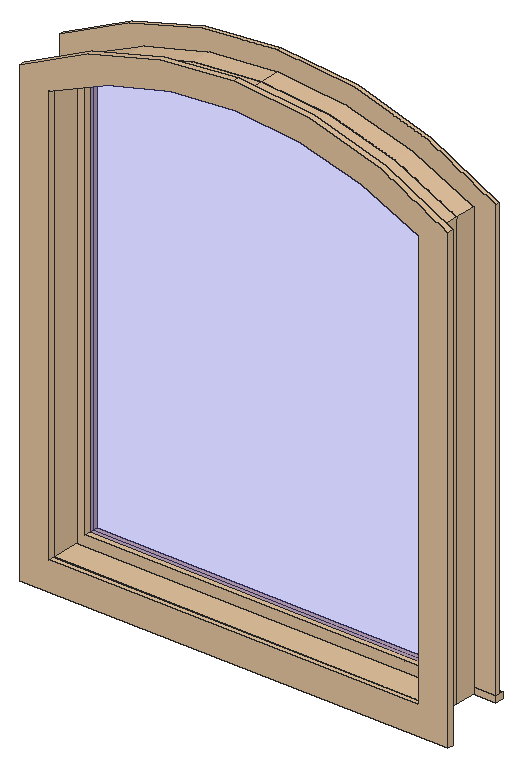
Revit family
Parameters (values of type "1220 x 1525mm")
  Glass Pane Material = Glass
  Height = 1525.00 mm
  Radius = Width  # 1220.00 mm
  Sash = Sash
  Default Sill Height = 610.00 mm
  Trim Exterior Material = Trim
  Trim Interior Material = Trim
  Trim Projection - Ext. = 13.00 mm
  Trim Projection - Int. = 19.00 mm
  Trim Width - Exterior = 89.00 mm
  Trim Width - Interior = 89.00 mm
  Wall Closure = (empty or 0)
  Width = 1220.00 mm
Types (7, lengths in mm): name | Height | Radius | Default Sill Height | Width
  (no name) | 1525.00 | 1220.00 | 610.00 | 1220.00
  0610 x 0610mm | 610.00 | 610.00 | 915.00 | 610.00
  1220 x 1525mm | 1525.00 | 1220.00 | 610.00 | 1220.00
  0610 x 1525mm | 1525.00 | 610.00 | 915.00 | 610.00
  1830 x 2438mm | 2438.00 | 1830.00 | 305.00 | 1830.00
  1830 x 1525mm | 1525.00 | 1830.00 | 610.00 | 1830.00
  1220 x 2438mm | 2438.00 | 1220.00 | 305.00 | 1220.00
Reference planes
  plane 1: y = 0
  plane 2 "Center": x = 11.98
  plane 3 "Sill": z = 610
  plane 4: z = 915
  plane 5: x = 621.98
  plane 6 "Right": x = -598.02
  plane 7 "Top": z = 2135
  plane 8: x = -566.27
  plane 9: x = -578.97
  plane 10: x = -655.27
  plane 11: x = -667.97
  plane 12: x = 590.23
  plane 13: x = 602.93
  plane 14: x = 679.23
  plane 15: x = 691.93
  plane 16: z = 2204.95
  plane 17: z = 2192.25
  plane 18: z = 2115.95
  plane 19: z = 2103.25
  plane 20: z = 641.75
  plane 21: z = 552.75
  plane 22 "Closure": y = 28.575
Forms (mm)
  Extrusion 1, solid, material "Trim" <- "Trim Exterior Material"
    sketch origin (11.98, 0, 0) x (1, 0, 0) y (0, 0, 1)
      loop
        line (-610, 1971.551) -> (-610, 610) -> (610, 610) -> (610, 1971.551)
        arc (610, 1971.551) -> (315.759, 2093.43) -> (0, 2135) r 1220
        arc (0, 2135) -> (-315.759, 2093.43) -> (-610, 1971.551) r 1220
      loop
        line (-590.95, 1962.558) -> (-590.95, 629.05) -> (590.95, 629.05) -> (590.95, 1962.558)
        arc (590.95, 1962.558) -> (305.494, 2078.303) -> (0, 2117.747) r 1202.747
        arc (0, 2117.747) -> (-305.494, 2078.303) -> (-590.95, 1962.558) r 1202.747
    from -76.2 to -12.7
  Extrusion 2, solid, material "Trim" <- "Trim Interior Material"
    sketch origin (11.98, 0, 0) x (-1, 0, 0) y (0, 0, 1)
      loop
        line (-610, 1971.551) -> (-610, 610) -> (610, 610) -> (610, 1971.551)
        arc (610, 1971.551) -> (315.759, 2093.43) -> (0, 2135) r 1220
        arc (0, 2135) -> (-315.759, 2093.43) -> (-610, 1971.551) r 1220
      loop
        line (-578.25, 1956.504) -> (-578.25, 641.75) -> (578.25, 641.75) -> (578.25, 1956.504)
        arc (578.25, 1956.504) -> (298.664, 2068.215) -> (0, 2106.262) r 1191.262
        arc (0, 2106.262) -> (-298.664, 2068.215) -> (-578.25, 1956.504) r 1191.262
    from 12.7 to -76.2
  Extrusion 3, solid, material "Glass" <- "Glass Pane Material"
    sketch origin (-112.99, 0, -117.036) x (1, 0, 0) y (0, 0, 1)
      loop
        line (-421.529, 2055.167) -> (-421.529, 790.536) -> (671.471, 790.536) -> (671.471, 2055.167)
        arc (671.471, 2055.167) -> (406.652, 2157.253) -> (124.971, 2191.975) r 1159.939
        arc (124.971, 2191.975) -> (-156.711, 2157.253) -> (-421.529, 2055.167) r 1159.939
    from -41.275 to -28.575
  Extrusion 4, solid, material "Trim" <- "Trim Interior Material"
    sketch origin (11.98, 0, 0) x (1, 0, 0) y (0, 0, 1)
      loop
        line (-578.25, 1953.058) -> (-578.25, 641.75) -> (578.25, 641.75) -> (578.25, 1953.058)
        arc (578.25, 1953.058) -> (298.718, 2065.089) -> (0, 2103.25) r 1188.25
        arc (0, 2103.25) -> (-298.718, 2065.089) -> (-578.25, 1953.058) r 1188.25
      loop
        line (-667.25, 1994.491) -> (-667.25, 552.75) -> (667.25, 552.75) -> (667.25, 1994.491)
        arc (667.25, 1994.491) -> (346.829, 2135.751) -> (0, 2184.064) r 1269.064
        arc (0, 2184.064) -> (-346.829, 2135.751) -> (-667.25, 1994.491) r 1269.064
    from 76.2 to 95.2
  Extrusion 5, solid, material "Trim" <- "Trim Exterior Material"
    sketch origin (11.98, 0, 0) x (-1, 0, 0) y (0, 0, 1)
      loop
        arc (-590.95, 1960.495) -> (-305.528, 2076.436) -> (0, 2115.95) r 1200.95
        arc (0, 2115.95) -> (305.528, 2076.436) -> (590.95, 1960.495) r 1200.95
        line (590.95, 1960.495) -> (590.95, 629.05) -> (679.95, 629.05) -> (679.95, 2001.623)
        arc (679.95, 2001.623) -> (353.708, 2147.06) -> (0, 2196.828) r 1281.828
        arc (0, 2196.828) -> (-353.708, 2147.06) -> (-679.95, 2001.623) r 1281.828
        line (-679.95, 2001.623) -> (-679.95, 629.05) -> (-590.95, 629.05) -> (-590.95, 1960.495)
    from 76.2 to 89.2
  Extrusion 6, solid, material "Trim" <- "Trim Exterior Material"
    sketch origin (11.98, 0, 0) x (-1, 0, 0) y (0, 0, 1)
      loop
        line (-679.95, 629.05) -> (-679.95, 610) -> (679.95, 610) -> (679.95, 629.05) -> (-679.95, 629.05)
    from 76.2 to 101.9
  Extrusion 7, solid, material "Sash" <- "Sash"
    sketch origin (-1528.05, 76.2, 0) x (-1, 0, 0) y (0, 0, 1)
      loop
        line (-2126.93, 1960.495) -> (-2126.93, 641.75) -> (-945.03, 641.75) -> (-945.03, 1960.495)
        arc (-945.03, 1960.495) -> (-1230.453, 2076.436) -> (-1535.98, 2115.95) r 1200.95
        arc (-1535.98, 2115.95) -> (-1841.508, 2076.436) -> (-2126.93, 1960.495) r 1200.95
      loop
        line (-2082.48, 1937.831) -> (-2082.48, 673.5) -> (-989.48, 673.5) -> (-989.48, 1937.831)
        arc (-989.48, 1937.831) -> (-1254.294, 2039.944) -> (-1535.98, 2074.675) r 1159.675
        arc (-1535.98, 2074.675) -> (-1817.666, 2039.944) -> (-2082.48, 1937.831) r 1159.675
    from -63.5 to -19.05
Lines and regions (mm)
  Opening 1
    outline origin (-1524, -76.2, 0) x (1, 0, 0) y (0, 0, 1)
      loop
        arc (1535.98, 2135) -> (1220.221, 2093.43) -> (925.98, 1971.551) r 1220
        line (925.98, 1971.551) -> (925.98, 610) -> (2145.98, 610) -> (2145.98, 1971.551)
        arc (2145.98, 1971.551) -> (1851.74, 2093.43) -> (1535.98, 2135) r 1220
  symbolic lines, style "Windows"
    curve 1: line (-598.02, 76.2, 0) -> (-578.97, 76.2, 0)
    curve 2: line (-598.02, -76.2, 0) -> (-566.27, -76.2, 0)
    curve 3: line (-578.97, 76.2, 0) -> (-578.97, 12.7, 0)
    curve 4: line (-578.97, 12.7, 0) -> (-534.52, 12.7, 0)
    curve 5: line (-566.27, -76.2, 0) -> (-566.27, 12.7, 0)
    curve 6: line (-578.97, 57.15, 0) -> (-534.52, 57.15, 0)
    curve 7: line (-534.52, 57.15, 0) -> (-534.52, 12.7, 0)
    curve 8: line (558.48, 56.494, 0) -> (558.48, 12.7, 0)
    curve 9: line (602.93, 76.2, 0) -> (621.98, 76.2, 0)
    curve 10: line (590.23, 12.7, 0) -> (590.23, -76.2, 0)
    curve 11: line (558.48, 12.7, 0) -> (602.93, 12.7, 0)
    curve 12: line (602.93, 76.2, 0) -> (602.93, 12.7, 0)
    curve 13: line (590.23, -76.2, 0) -> (621.98, -76.2, 0)
    curve 14: line (558.48, 56.494, 0) -> (602.93, 56.494, 0)
    curve 15: line (-534.52, 34.925, 0) -> (558.48, 34.925, 0)
Text (mm)
  text "Exterior" at (0, -1094.548, 2674.316), in view "Right"
  text "Exterior" at (-1563.035, 723.012, 0), in view "Floor Line"
  text "Exterior" at (0, 591.08, 2525.369), in view "Left"
Dimensions and locks
  equal spacing: plane 6 "Right", plane 2 "Center", plane 5
  "Width": plane 6 "Right" to plane 5
  "Default Sill Height": host wall to plane 3 "Sill"
  "Height": plane 3 "Sill" to plane 7 "Top"
  "Radius": plane 4 to plane 7 "Top"
  locked: Extrusion 6 sketch curve to Extrusion 1 at 19.05
  locked: Extrusion 5 sketch curve to plane 7 "Top" at 19.05
  locked: Extrusion 4 sketch curve to plane 7 "Top" at 31.75
  locked: Extrusion 6 to Extrusion 5 at 12.7
  locked: Extrusion 3 to Extrusion 3 at 12.7
  "Trim Projection - Int.": Extrusion 4 to Extrusion 4
  "Trim Projection - Ext.": Extrusion 5 to Extrusion 5
  locked: plane 6 "Right" to plane 9 at 19.05
  locked: plane 6 "Right" to plane 8 at 31.75
  locked: plane 13 to plane 5 at 19.05
  locked: plane 12 to plane 5 at 31.75
  "Trim Width - Exterior": plane 15 to plane 13
  "Trim Width - Exterior": plane 9 to plane 11
  locked: plane 18 to plane 7 "Top" at 19.05
  "Trim Width - Exterior": plane 18 to plane 16
  locked: plane 7 "Top" to plane 19 at 31.75
  locked: plane 20 to plane 3 "Sill" at 31.75
  "Trim Width - Interior": plane 20 to plane 21
  "Trim Width - Interior": plane 14 to plane 12
  "Trim Width - Interior": plane 8 to plane 10
  "Trim Width - Interior": plane 17 to plane 19
  plane 4 to Extrusion 5 sketch curve = 0.00 mm
  plane 2 "Center" to Extrusion 5 sketch curve = 0.00 mm
  Extrusion 5 sketch curve to plane 2 "Center" = 0.00 mm
  Extrusion 5 sketch curve to plane 4 = 0.00 mm
  Extrusion 4 sketch curve to plane 4 = 0.00 mm  (x2)
  Extrusion 4 sketch curve to plane 2 "Center" = 0.00 mm  (x2)
  Opening 1 sketch curve to plane 2 "Center" = 0.00 mm
  Opening 1 sketch curve to plane 4 = 0.00 mm
  Extrusion 1 sketch curve to plane 4 = 0.00 mm  (x2)
  Extrusion 1 sketch curve to plane 2 "Center" = 0.00 mm  (x2)
  Extrusion 3 sketch curve to plane 4 = 0.00 mm
  Extrusion 3 sketch curve to plane 2 "Center" = 0.00 mm
  plane 19 to Extrusion 3 sketch curve = 28.311 mm
  plane 2 "Center" to Extrusion 7 sketch curve = 4.05 mm  (x2)
  Extrusion 7 sketch curve to plane 4 = 0.00 mm  (x2)
  Extrusion 7 sketch curve to plane 19 = 28.575 mm
  Extrusion 7 sketch curve to Extrusion 7 sketch curve = 44.45 mm  (x2)
  locked: plane 22 "Closure" to host wall at 47.625
  locked: curve 14 to host wall at 19.706
  aligned and locked: plane 2 "Center" to Opening 1 sketch curve
  aligned and locked: Opening 1 sketch curve to plane 5
  aligned and locked: Opening 1 sketch curve to Opening 1 sketch curve
  aligned and locked: plane 3 "Sill" to Opening 1 sketch curve
  aligned and locked: Opening 1 sketch curve to plane 6 "Right"
  aligned and locked: Opening 1 sketch curve to plane 3 "Sill"
  aligned and locked: Extrusion 4 sketch curve to Extrusion 2  (x2)
  aligned and locked: Extrusion 5 sketch curve to Extrusion 1  (x2)
  aligned and locked: Extrusion 6 sketch curve to Extrusion 5  (x2)
  aligned and locked: plane 2 "Center" to Extrusion 5 sketch curve  (x2)
  aligned and locked: plane 2 "Center" to Extrusion 4 sketch curve  (x2)
  aligned and locked: Extrusion 4 sketch curve to Extrusion 4 sketch curve
  aligned and locked: plane 2 "Center" to Extrusion 1 sketch curve  (x2)
  aligned and locked: plane 5 to Extrusion 1 sketch curve
  aligned and locked: Extrusion 1 sketch curve to plane 6 "Right"
  aligned and locked: plane 2 "Center" to Extrusion 2 sketch curve  (x2)
  aligned and locked: Extrusion 5 to host wall
  aligned and locked: Extrusion 6 to host wall
  aligned and locked: host wall to Extrusion 1
  aligned and locked: Extrusion 4 to host wall
  aligned and locked: host wall to Extrusion 2
  aligned and locked: Extrusion 1 to Extrusion 2
  aligned and locked: curve 1 to Extrusion 1  (x2)
  aligned and locked: Extrusion 2 to curve 2
  aligned and locked: curve 2 to Extrusion 2
  aligned and locked: curve 3 to Extrusion 1
  aligned and locked: Extrusion 1 to curve 4
  aligned and locked: curve 5 to Extrusion 2
  aligned and locked: curve 9 to Extrusion 1
  aligned and locked: curve 10 to Extrusion 2  (x2)
  aligned and locked: curve 12 to Extrusion 1
  aligned and locked: Extrusion 2 to curve 13
Automatic sketch dimensions
  Opening 1 sketch curve to plane 7 "Top" = 0.00 mm
  plane 6 "Right" to Extrusion 1 sketch curve = 19.05 mm
  Extrusion 1 sketch curve to plane 5 = 19.05 mm
  Extrusion 1 sketch curve to plane 3 "Sill" = 0.00 mm
  Extrusion 1 sketch curve to plane 4 = 0.00 mm  (x2)
  Extrusion 1 sketch curve to plane 7 "Top" = 0.00 mm
  Extrusion 1 sketch curve to plane 3 "Sill" = 19.05 mm
  Extrusion 1 sketch curve to Extrusion 1 sketch curve = 8.993 mm
  Extrusion 2 sketch curve to plane 3 "Sill" = 0.00 mm
  Extrusion 2 sketch curve to plane 5 = 0.00 mm
  Extrusion 2 sketch curve to plane 6 "Right" = 0.00 mm
  Extrusion 2 sketch curve to plane 5 = 31.75 mm
  plane 6 "Right" to Extrusion 2 sketch curve = 31.75 mm
  Extrusion 2 sketch curve to plane 4 = 0.00 mm  (x4)
  Extrusion 2 sketch curve to plane 7 "Top" = 0.00 mm
  Extrusion 2 sketch curve to plane 3 "Sill" = 31.75 mm
  Extrusion 2 sketch curve to Extrusion 2 sketch curve = 15.047 mm
  Extrusion 6 sketch curve to plane 11 = 0.00 mm
  Extrusion 4 sketch curve to plane 10 = 0.00 mm
  Extrusion 4 sketch curve to plane 14 = 0.00 mm
  Extrusion 4 sketch curve to plane 21 = 0.00 mm
  Extrusion 4 sketch curve to plane 4 = 0.00 mm  (x2)
  Extrusion 4 sketch curve to Extrusion 4 sketch curve = 41.433 mm
  Extrusion 5 sketch curve to plane 15 = 0.00 mm
  Extrusion 5 sketch curve to plane 13 = 0.00 mm
  Extrusion 5 sketch curve to plane 11 = 0.00 mm
  Extrusion 5 sketch curve to plane 4 = 0.00 mm  (x2)
  Extrusion 5 sketch curve to plane 3 "Sill" = 19.05 mm
  Extrusion 5 sketch curve to Extrusion 5 sketch curve = 41.129 mm
  Extrusion 3 sketch curve to plane 4 = 0.00 mm
  plane 6 "Right" to Extrusion 3 sketch curve = 63.50 mm
  Extrusion 3 sketch curve to plane 5 = 63.50 mm
  Extrusion 3 sketch curve to plane 3 "Sill" = 63.50 mm
  Extrusion 7 sketch curve to plane 13 = 4.05 mm
  Extrusion 7 sketch curve to plane 9 = 4.05 mm
  Extrusion 7 sketch curve to plane 4 = 0.00 mm  (x2)
  Extrusion 7 sketch curve to plane 20 = 0.00 mm
  Extrusion 7 sketch curve to plane 18 = 0.00 mm
  Extrusion 7 sketch curve to Extrusion 7 sketch curve = 31.75 mm
  curve 9 to plane 5 = 0.00 mm
  curve 13 to plane 5 = 0.00 mm
  plane 8 to curve 6 = 31.75 mm
  curve 8 to plane 12 = 31.75 mm
  curve 15 to plane 22 "Closure" = 6.35 mm
  curve 6 to host wall = 19.05 mm
